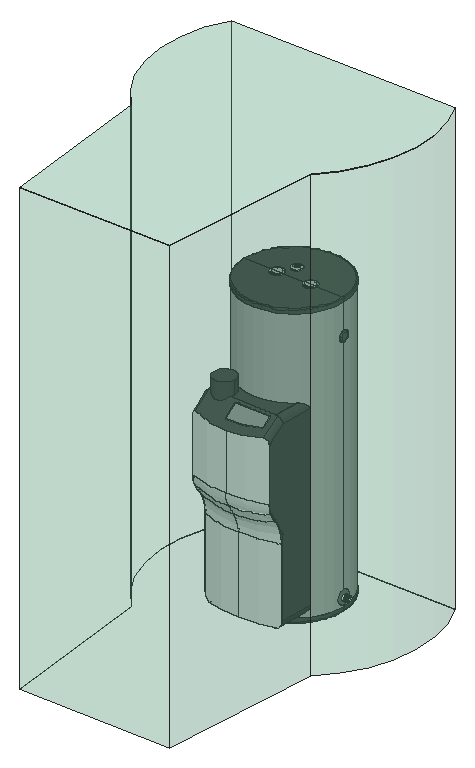
Revit family "Innovo NL_IR 32 245 NL NAT", category Mechanical Equipment, Revit 2015
Parameters (values of type "IR-32-245 NL NAT")
  Werkruimte Radius = Diameter + 170 mm  # 780 mm
  Werkruimte Hoogte = Hoogte + 1000 mm  # 2745 mm
  Werkruimte Afstand Voor = 1000 mm
  Werkruimte [instance] = yes
  Voorzorgsmaatregelen tijdens montage, installatie of onderhoud = "zie Gebruikers, Installatie, Service en Onderhouds handleiding"  # constant formula
  Voltage = 230 V  # constant formula
  Verpakkingslengte = 946 mm  # constant formula
  Verpakkingshoogte = 1895 mm
  Verpakkingsbreedte = 786 mm  # constant formula
  Uitsluitend werkend in daluren = no
  Type aanduiding = "IR-24-285"
  Transportgewicht = 153 kg
  Totaal Gewicht = 438 kg
  Stilstandsverlies - dagelijks (24u) = 0 W
  Stilstandsverlies = 0 W
  Standaard Afgesteld op = "G25.3"
  Stand Regelthermostaat = 65 °C  # constant formula
  Soort Verpakking = "Karton en Hout"  # constant formula
  Slimme controlefunctie = no
  Setpoint thermostaat = 65 °C  # constant formula
  Seizoens Rendement (Hs) = [Rendement (Hs, vlgs. NEN-EN 89 - 1999)]  # 97
  Rendement (Hs, vlgs. NEN-EN 89 - 1999) = 97
  Rendement (Hi, vlgs. NEN-EN 89 - 1999) = 108
  Produktspecificaties Link = ""
  Produkthandleiding Link = ""
  Produkt Model Nummer (EAN-nummer) = "8717449283834"
  Onderhoudsinterval = "12 maanden"  # constant formula
  Nominale Belasting (Onderwaarde) = "22000.0"
  Nominale Belasting (Bovenwaarde) = "24400.0"
  Nominaal Vermogen = "23800.0"
  NOx-uitstoot mg/kWh = "33.0"
  NOx-uitstoot (lucht vrij, 0% O2) ppm = "21"
  Min. Stand Regelthermostaat = 40 °C  # constant formula
  Max. Werkdruk = 800000.0 Pa
  Max. Stand Regelthermostaat = 85 °C  # constant formula
  Max. Rookgastemperatuur = 57 °C
  Ledig Gewicht = 136 kg
  Kraan Hoogte 02 = if(and(Hoogte = 1745 mm, Diameter = 675 mm), 1518 mm, if(and(Hoogte = 1745 mm, Diameter = 610 mm), 1534 mm, if(Hoogte = 1545 mm, 1328 mm, 1070 mm)))  # 1534 mm
  Kraan Hoogte 01 = if(and(Diameter > 560 mm), 693 mm, 604 mm)  # 693 mm
  Uitschakeldruk LDS < = 210.0 Pa
  URL = "www.aosmith.nl"
  Tapcapaciteit bij ΔT = 70°C  na 90 min. = 630.0 L
  Tapcapaciteit bij ΔT = 70°C  na 60 min. = 490.0 L
  Tapcapaciteit bij ΔT = 70°C  na 30 min. = 340.0 L
  Tapcapaciteit bij ΔT = 70°C  na 120 min. = 780.0 L
  Tapcapaciteit bij ΔT = 55°C  na 90 min. = 830.0 L
  Tapcapaciteit bij ΔT = 55°C  na 60 min. = 650.0 L
  Tapcapaciteit bij ΔT = 55°C  na 30 min. = 460.0 L
  Tapcapaciteit bij ΔT = 55°C  na 120 min. = 1100.0 L
  Tapcapaciteit bij ΔT = 50°C  na 90 min. = 920.0 L
  Tapcapaciteit bij ΔT = 50°C  na 60 min. = 720.0 L
  Tapcapaciteit bij ΔT = 50°C  na 30 min. = 510.0 L
  Tapcapaciteit bij ΔT = 50°C na 120 min. = 1200.0 L
  Tapcapaciteit bij ΔT = 44°C na 120 min. = 1100.0 L
  Tapcapaciteit bij ΔT = 44°C  na 90 min. = 820.0 L
  Tapcapaciteit bij ΔT = 44°C  na 60 min. = 590.0 L
  Tapcapaciteit bij ΔT = 44°C  na 30 min. = 1300.0 L
  Tapcapaciteit bij ΔT = 28°C na 90 min. = 1700.0 L
  Tapcapaciteit bij ΔT = 28°C na 60 min. = 1400.0 L
  Tapcapaciteit bij ΔT = 28°C na 30 min. = 960.0 L
  Tapcapaciteit bij ΔT = 28°C na 120 min. = 2100.0 L
  Tapcapaciteit Continu bij ΔT = 70°C = 290.0 L/s
  Tapcapaciteit Continu bij ΔT = 55°C = 370.0 L/s
  Tapcapaciteit Continu bij ΔT = 50°C = 410.0 L/s
  Tapcapaciteit Continu bij ΔT = 44°C = 460.0 L/s
  Tapcapaciteit Continu bij ΔT = 28°C = 740.0 L/s
  Opwarmtijd bij ΔT = 70°C = "49"
  Opwarmtijd bij ΔT = 55°C = "39"
  Opwarmtijd bij ΔT = 50°C = "35"
  Opwarmtijd bij ΔT = 44°C = "31"
  Opwarmtijd bij ΔT = 28°C = "20"
  Model = "IR-24-285 NL NAT"
  Manufacturer = "A.O. Smith Water Products Company b.v."  # constant formula
  Length = 780 mm  # constant formula
  Jaarlijks elektriciteitsverbruik (2) = "-"
  Jaarlijks elektriciteitsverbruik (1) = "45 kWh"
  Jaarlijks brandstofverbruik (2) = "-"
  Jaarlijks brandstofverbruik (1) = "21 GJ GCV"
  Isolatiedikte = 44 mm
  Installatie Typen = "B23/C13/C33/C43/C53/C63"  # constant formula
  Inhoud = 285.0 L
  Hoogte Warm Water Uitlaat = 1745 mm
  Hoogte Rookgasafvoer = 1350 mm
  Hoogte Lucht Inlaat = 1350 mm
  Hoogte Koud Water Inlaat = 170 mm
  Hoogte Gas Aansluiting = 905 mm
  Hoogte = 1745 mm
  Handelsmerk = "A.O. Smith"  # constant formula
  Geluidsniveau dB (A) = "<45"  # constant formula
  Geluidsniveau binnen = "53 dB"
  Gasverbruik - Volume ltr/hr = "2.30"
  Gasverbruik - Massa kg/h = "n.v.t."
  Gascategorie = "II2EK3B/P"  # constant formula
  Gas Voordruk = 2500.0 Pa
  Gas Aansluiting = 15"  # constant formula
  Garrantie op Tank = "36 maanden"  # constant formula
  Garrantie op Onderdelen = "12 maanden"  # constant formula
  Frequentie = 50 Hz  # constant formula
  Fase = 1
  Fabrikantnummer = "E 7110"  # constant formula
  Energie-efficiëntieklasse voor waterverwarming (2) = "-"
  Energie-efficiëntieklasse voor waterverwarming (1) = "A"  # constant formula
  Energie-efficiëntie voor waterverwarming (2) = "-"
  Energie-efficiëntie voor waterverwarming (1) = "91%"
  Elektrisch Vermogen (piek) = 105 W
  Elektrisch Vermogen (nominaal) = 51 W
  Diameter Schoorsteen - parallel systeem = "2x80"  # constant formula
  Diameter Schoorsteen - concentrisch systeem = "80/125 mm/mm"  # constant formula
  Diameter Schoorsteen - boiler = "80/125 mm/mm"  # constant formula
  Diameter = 610 mm
  Description = "Condenserende Hoog Rendementsboiler"  # constant formula
  Created By = "http://www.cadcompany.nl/"
  Capaciteitsprofiel = "XXL"
  CO2-uitstoot (tol. +/- 1.0) vol% = "9.3"
  CE-PIN = "0063CQ3037"  # constant formula
  Breedte = Diameter  # 610 mm
  Bestemming / Land = "Nederland"  # constant formula
  BIM Content Developer = "CAD & Company"  # constant formula
  Assembly Code = "D3010"
  Ander capaciteitsprofiel = "-"
  Aansluiting Warm Water = 1"
  Aansluiting T&P = 1"
  Aansluiting Koud Water = 3/4"  # constant formula
  Aansluiting Condensafvoer = 40 mm  # constant formula
  Aansluiting Aftapkraan = 3/4"  # constant formula
  2e Onderhoud (algeheel onderhoud) = "12 maanden na installatie"  # constant formula
  1e Onderhoud (check-up) = "3 maanden na installatie"  # constant formula
Reference planes
  plane 1 "Center (Front/Back)": y = 0
  plane 2: z = 0
  plane 3 "Center (Left/Right)": x = 0
  plane 4 "Pipe": through (-383.901, 912.349, 194.799) normal (-0.0879, -0.0879, 0.9923)
  plane 5 "footing": y = 118.925
  plane 6 "footing front": y = -237.85
  plane 7: x = -305
  plane 8: x = 305
  plane 9: z = 1745
Forms (mm)
  Revolve 1, solid, material "RAL 9005", detail levels medium+fine
    sketch origin (0, -237.85, 0) x (-1, 0, 0) y (0, 0, 1)
      loop
        line (0, 28.9) -> (-15, 28.9) -> (-15, 26.4) -> (-8.671, 26.4) -> (-8.671, 18) -> (-5.686, 18) -> (-6.626, 17.06) -> (-6.626, 12.06) -> (-8.671, 12.06) -> (-8.671, 10) -> (-10.031, 10) -> (-23.271, 5.181)
        arc (-23.271, 5.181) -> (-23.763, 4.836) -> (-24.017, 4.293) r 1.159
        line (-24.017, 4.293) -> (-24.017, 1.03)
        arc (-24.017, 1.03) -> (-23.715, 0.302) -> (-22.986, 0) r 1.03
        line (-22.986, 0) -> (0, 0) -> (0, 28.9)
      axis (0, 28.9) -> (0, 0)
    angle from 0 to 360
  Revolve 2, solid, material "RAL 9005", detail levels medium+fine
    sketch origin (0, 118.925, 0) x (-1, 0, 0) y (0, 0, 1)
      loop
        line (-205.984, 28.9) -> (-220.984, 28.9) -> (-220.984, 26.4) -> (-214.655, 26.4) -> (-214.655, 18) -> (-211.67, 18) -> (-212.61, 17.06) -> (-212.61, 12.06) -> (-214.655, 12.06) -> (-214.655, 10) -> (-216.015, 10) -> (-229.256, 5.181)
        arc (-229.256, 5.181) -> (-229.747, 4.836) -> (-230.001, 4.293) r 1.159
        line (-230.001, 4.293) -> (-230.001, 1.03)
        arc (-230.001, 1.03) -> (-229.699, 0.302) -> (-228.971, 0) r 1.03
        line (-228.971, 0) -> (-205.984, 0) -> (-205.984, 28.9)
      axis (-205.984, 28.9) -> (-205.984, 0)
    angle from 0 to 360
  Revolve 3, solid, material "RAL 9005", detail levels medium+fine
    sketch origin (0, 118.925, 0) x (-1, 0, 0) y (0, 0, 1)
      loop
        line (204.016, 28.9) -> (189.016, 28.9) -> (189.016, 26.4) -> (195.345, 26.4) -> (195.345, 18) -> (198.33, 18) -> (197.39, 17.06) -> (197.39, 12.06) -> (195.345, 12.06) -> (195.345, 10) -> (193.985, 10) -> (180.744, 5.181)
        arc (180.744, 5.181) -> (180.253, 4.836) -> (179.999, 4.293) r 1.159
        line (179.999, 4.293) -> (179.999, 1.03)
        arc (179.999, 1.03) -> (180.301, 0.302) -> (181.029, 0) r 1.03
        line (181.029, 0) -> (204.016, 0) -> (204.016, 28.9)
      axis (204.016, 28.9) -> (204.016, 0)
    angle from 0 to 360
Lines and regions (mm)
  symbolic lines
    curve 1: line (0, 280.06, 0) -> (0, -280.06, 0)
    curve 2: line (-280.06, 0, 0) -> (280.06, 0, 0)
  symbolic lines, style "Workspace"
    curve 3: line (681.142, 380.06, 0) -> (-681.142, 380.06, 0)
    curve 4: arc (-681.142, 380.06, 0) -> (-777.325, -64.546, 0) -> (-609.127, -487.2, 0) r 780
    curve 5: line (-609.127, -487.2, 0) -> (-421.783, -1517.825, 0)
    curve 6: line (-421.783, -1517.825, 0) -> (424.03, -1517.825, 0)
    curve 7: line (424.03, -1517.825, 0) -> (611.027, -484.816, 0)
    curve 8: arc (611.027, -484.816, 0) -> (777.449, -63.027, 0) -> (681.142, 380.06, 0) r 780
Dimensions and locks
  plane 5 "footing" to plane 1 "Center (Front/Back)" = 118.925 mm
  plane 1 "Center (Front/Back)" to plane 6 "footing front" = 237.85 mm
  "Diameter": plane 7 to plane 8
  equal spacing: plane 7, plane 3 "Center (Left/Right)", plane 8
  "Hoogte": plane 9 to plane 2
  "Werkruimte Afstand Voor": curve 6 to nested 3
  "Werkruimte Radius": radius of curve 4
  "Werkruimte Radius": radius of curve 8
  aligned and locked: level to plane 2
  aligned and locked: nested 3 to Revolve 1 sketch curve
  aligned and locked: plane 3 "Center (Left/Right)" to Revolve 1 sketch curve
  aligned and locked: nested 3 to plane 1 "Center (Front/Back)"
  aligned and locked: plane 3 "Center (Left/Right)" to nested 3
  aligned and locked: nested 1 to plane 8
  aligned and locked: nested 5 to plane 8
  aligned and locked: nested 2 to plane 7
  aligned and locked: nested 4 to plane 7
  aligned and locked: nested 7 to plane 7
  aligned and locked: nested 8 to plane 3 "Center (Left/Right)"
  aligned and locked: curve 3 to nested 8
  aligned and locked: nested 8 to nested 3
Automatic sketch dimensions
  Revolve 1 sketch curve to level = 0 mm
  plane 3 "Center (Left/Right)" to Revolve 1 sketch curve = 5.686 mm
  Revolve 1 sketch curve to Revolve 1 sketch curve = 0.94 mm  (x2)
  Revolve 1 sketch curve to Revolve 1 sketch curve = 2.046 mm  (x2)
  Revolve 1 sketch curve to Revolve 1 sketch curve = 1.359 mm
  Revolve 1 sketch curve to Revolve 1 sketch curve = 6.329 mm
  level to Revolve 1 sketch curve = 4.091 mm
  Revolve 1 sketch curve to Revolve 1 sketch curve = 12.844 mm
  level to Revolve 1 sketch curve = 1.03 mm
  Revolve 1 sketch curve to Revolve 1 sketch curve = 0.111 mm
  level to Revolve 1 sketch curve = 5.181 mm
  Revolve 1 sketch curve to Revolve 1 sketch curve = 0.745 mm
  level to Revolve 1 sketch curve = 10 mm
  Revolve 1 sketch curve to Revolve 1 sketch curve = 2.06 mm
  Revolve 1 sketch curve to Revolve 1 sketch curve = 5 mm
  Revolve 1 sketch curve to Revolve 1 sketch curve = 8.4 mm
  Revolve 1 sketch curve to Revolve 1 sketch curve = 2.5 mm
  Revolve 1 sketch curve to level = 19.635 mm
  Revolve 1 sketch curve to Revolve 1 sketch curve = 46.465 mm
  Revolve 2 sketch curve to level = 0 mm
  level to Revolve 2 sketch curve = 1.03 mm
  Revolve 2 sketch curve to plane 8 = 74.999 mm
  level to Revolve 2 sketch curve = 5.181 mm
  Revolve 2 sketch curve to Revolve 2 sketch curve = 0.745 mm
  Revolve 2 sketch curve to Revolve 2 sketch curve = 0.397 mm
  Revolve 2 sketch curve to Revolve 2 sketch curve = 8.271 mm
  Revolve 2 sketch curve to Revolve 2 sketch curve = 13.241 mm
  Revolve 2 sketch curve to Revolve 2 sketch curve = 1.359 mm
  Revolve 2 sketch curve to Revolve 2 sketch curve = 6.329 mm
  Revolve 2 sketch curve to Revolve 2 sketch curve = 2.046 mm
  level to Revolve 2 sketch curve = 18 mm
  Revolve 2 sketch curve to Revolve 2 sketch curve = 0.94 mm  (x2)
  Revolve 2 sketch curve to Revolve 2 sketch curve = 8.671 mm
  Revolve 2 sketch curve to Revolve 2 sketch curve = 1.089 mm
  Revolve 2 sketch curve to Revolve 2 sketch curve = 8 mm
  Revolve 2 sketch curve to Revolve 2 sketch curve = 2.06 mm
  Revolve 2 sketch curve to Revolve 2 sketch curve = 8.4 mm
  Revolve 2 sketch curve to Revolve 2 sketch curve = 2.5 mm
  Revolve 2 sketch curve to Revolve 2 sketch curve = 0 mm
  Revolve 2 sketch curve to level = 19.635 mm
  Revolve 2 sketch curve to Revolve 2 sketch curve = 46.465 mm
  Revolve 3 sketch curve to level = 0 mm
  level to Revolve 3 sketch curve = 1.03 mm
  Revolve 3 sketch curve to plane 7 = 125.001 mm
  level to Revolve 3 sketch curve = 5.181 mm
  Revolve 3 sketch curve to Revolve 3 sketch curve = 0.745 mm
  Revolve 3 sketch curve to Revolve 3 sketch curve = 0.397 mm
  Revolve 3 sketch curve to Revolve 3 sketch curve = 8.271 mm
  Revolve 3 sketch curve to Revolve 3 sketch curve = 13.241 mm
  Revolve 3 sketch curve to Revolve 3 sketch curve = 1.359 mm
  Revolve 3 sketch curve to Revolve 3 sketch curve = 6.329 mm
  Revolve 3 sketch curve to Revolve 3 sketch curve = 2.046 mm
  level to Revolve 3 sketch curve = 18 mm
  Revolve 3 sketch curve to Revolve 3 sketch curve = 0.94 mm  (x2)
  Revolve 3 sketch curve to Revolve 3 sketch curve = 8.671 mm
  Revolve 3 sketch curve to Revolve 3 sketch curve = 1.089 mm
  Revolve 3 sketch curve to Revolve 3 sketch curve = 8 mm
  Revolve 3 sketch curve to Revolve 3 sketch curve = 2.06 mm
  Revolve 3 sketch curve to Revolve 3 sketch curve = 8.4 mm
  Revolve 3 sketch curve to Revolve 3 sketch curve = 2.5 mm
  Revolve 3 sketch curve to Revolve 3 sketch curve = 0 mm
  Revolve 3 sketch curve to level = 19.635 mm
  Revolve 3 sketch curve to Revolve 3 sketch curve = 46.465 mm
  curve 4 to curve 8 = 0 mm  (x2)
  plane 1 "Center (Front/Back)" to curve 2 = 0 mm
  curve 1 to plane 3 "Center (Left/Right)" = 0 mm
  plane 1 "Center (Front/Back)" to curve 4 = 0 mm
  curve 4 to plane 3 "Center (Left/Right)" = 0 mm
  curve 5 to plane 6 "footing front" = 249.35 mm
  plane 7 to curve 5 = 116.783 mm
  plane 8 to curve 7 = 119.03 mm
  curve 7 to plane 6 "footing front" = 246.966 mm
  curve 2 to plane 7 = 24.94 mm
  curve 2 to plane 8 = 24.94 mm
  curve 1 to plane 6 "footing front" = 42.21 mm
  plane 5 "footing" to curve 1 = 161.135 mm
Nested families
  nested 1: "Valve" at (305, -0.38, 1534) x (0, 1, 0) z (0, 0, 1), built-in parameter 1001364 <- "Kraan Hoogte 02", type "Valve"
  nested 2: "Drain Valve" at (-305, 0, 1534), built-in parameter 1001364 <- "Kraan Hoogte 02", type "Drain Valve"
  nested 3: "Housing Mother Housing S 57 (external)" at (0, -299.886, 0), type "Housing Mother_Housing S_57"
    with radius 305 mm, distance to boiler center 154 mm, diameter 610 mm
  nested 4: "Drain Valve" at (-305, 0, 177), type "Drain Valve"
  nested 5: "Drain Valve" at (305, 0, 107) x (-1, 0, 0) z (0, 0, 1), type "Drain Valve"
  nested 6: "Boiler" at (0, 0, 0), height <- "Hoogte", type "Boiler"
    with height 1745 mm, radius 305 mm, Diameter 610 mm
  nested 7: "Drain Valve" at (-305, 0, 693), built-in parameter 1001364 <- "Kraan Hoogte 01", type "Drain Valve"
  nested 8: "Innovo_workspace" at (0, 0, 0), Workspace <- "Werkruimte", Workspace Distance Front <- "Werkruimte Afstand Voor", Workspace Height <- "Werkruimte Hoogte", Workspace Radius <- "Werkruimte Radius", type "Workspace"
    with Workspace Radius 780 mm, Workspace Height 2745 mm, Workspace Distance Front 1000 mm, Workspace yes, Center to Front 517.825 mm
Connectors
  piping at (339.826, 0, 107), diameter 19.05, driven by "Aansluiting Aftapkraan"
    settings: on nested 5, index 1, connector inside diameter 24", connector length 0 mm, flow factor 0, pipe flow 0.0 L/s, pressure drop 0.0 Pa, fitting loss kfactor 0, connector angle 0.00°, fixture units 0, engagement length 0 mm, angle of deflection 0.00°, flow configuration 0, flow direction 0, fitting loss method 0, system type 19, joint type 0, gender type 0, connector reference index -1, connector utility 0, adjustable connector no, is connector primary yes, connector description ""
  hvac at (-147.013, -346.326, 1310.674)
    settings: on nested 3, index 2, duct flow 0.0 L/s, flow factor 0, pres drop 0.0 Pa, loss coef 0, conn angle 0.00°, conn width 304.8 mm, conn height 304.8 mm, conn diameter 125 mm, duct sys type 4, conn prof type 0, flow config 0, flow direction 0, loss method 0, conn ref index -1, conn util no, is conn primary yes, conn desc ""
Definition of nested family "Valve"
  Parameters (values of type "Valve")
    Type Comments = "T&P valve (internal)"
    Manufacturer = "A.O. Smith"
  Reference planes
    plane 1 "Center (Front/Back)": y = 0
    plane 2: z = 0
    plane 3 "Center (Left/Right)": x = 0
  Forms (mm)
    Extrusion 1, solid, detail levels fine
      sketch origin (0, 0, 0) x (1, 0, 0) y (0, 0, 1)
        loop
          circle (0, 0) r 31.5
      from -2.271 to 1.4
    Sweep 2, solid, detail levels fine
      path origin (0, -1.4, 0) x (1, 0, 0) y (0, 0, 1)
        loop
          circle (0, 0) r 31.5
      profile origin (0, -1.4, 31.5) x (0, 0, -1) y (0, -1, 0)
        loop
          line (7.3, 0) -> (7.3, 3) -> (0, 0) -> (7.3, 0)
  Dimensions and locks
    aligned and locked: level to plane 2
Definition of nested family "Drain Valve"
  Reference planes
    plane 1 "Center (Front/Back)": y = 0
    plane 2: z = 0
    plane 3 "Center (Left/Right)": x = 0
  Forms (mm)
    Revolve 1, solid, detail levels medium+fine
      sketch origin (0, 0, 0) x (1, 0, 0) y (0, 0, 1)
        loop
          line (-33.442, 15.696) -> (-34.826, 14.329) -> (-34.93, 12.731) -> (-16.555, 12.731) -> (-16.555, 0) -> (15.787, 0) -> (15.787, 18.3) -> (-14.4, 18.3) -> (-17.148, 15.533) -> (-18.729, 16.697) -> (-20.091, 15.333) -> (-21.672, 16.496) -> (-23.034, 15.133) -> (-24.614, 16.296) -> (-25.976, 14.932) -> (-27.557, 16.096) -> (-28.919, 14.732) -> (-30.5, 15.896) -> (-31.862, 14.532) -> (-33.442, 15.696)
        axis (-34.93, 0) -> (15.787, 0)
      angle from 0 to 360
  Dimensions and locks
    aligned and locked: level to plane 2
  Nested families
    nested 1: "Rubber sealing" at (2.592, -0.155, 0) x (0.0023, -1, 0) z (0, 0, 1), type "Rubber sealing", detail levels fine
  Definition of nested family "Rubber sealing"
    Reference planes
      plane 1 "Center (Front/Back)": y = 0
      plane 2: z = 0
      plane 3 "Center (Left/Right)": x = 0
    Forms (mm)
      Extrusion 1, solid, detail levels fine
        sketch origin (141.861, 319.581, 0) x (1, 0, 0) y (0, 1, 0)
          loop
            line (-216.354, -311.898) -> (-216.354, -313.94)
            arc (-216.354, -313.94) -> (-141.602, -321.581) -> (-66.861, -313.835) r 366.966
            line (-66.861, -313.835) -> (-66.861, -311.791)
            arc (-66.861, -311.791) -> (-141.602, -319.581) -> (-216.354, -311.898) r 364.966
        from -80 to 80
      Extrusion 2, void
        sketch origin (141.861, 319.581, 0) x (1, 0, 0) y (0, 0, 1)
          loop
            circle (-141.861, 0) r 13
          loop
            circle (-141.861, 0) r 110
          loop
            circle (-141.861, 0) r 40
        from 311.563 to 332.684
      Extrusion 3, void
        sketch origin (141.861, 319.581, 0) x (1, 0, 0) y (0, 0, 1)
          loop
            circle (-141.861, 0) r 18.25
        from 315.524 to 326.084
    Cuts and joins
      Extrusion 2, Extrusion 3 cuts Extrusion 1
    Dimensions and locks
      aligned and locked: level to plane 2
Definition of nested family "Housing Mother Housing S 57 (external)"
  Parameters (values of type "Housing Mother_Housing S_57")
    radius [instance] = 280 mm
    distance to boiler center = if(diameter = 675 mm, 189 mm, if(diameter = 610 mm, 154 mm, 129 mm))  # 129 mm
    diameter = 560 mm
  Reference planes
    plane 1 "Center (Front/Back)": y = 0
    plane 2: z = 0
    plane 3 "Center (Left/Right)": x = 0
    plane 4 "left": through (-245.286, 145.886, 1200) normal (0.9994, 0.0349, 0)
    plane 5: y = -217.939
    plane 6: y = 145.886
    plane 7: z = 1232.6
    plane 8: z = 65.89
    plane 9 "right": through (245.286, 145.886, 1200) normal (0.9994, -0.0349, 0)
    plane 10 "display": through (0, -90.37, 1221.196) normal (0, -0.5736, 0.8192)
    plane 11 "Potentiostat": z = 867.899
    plane 12 "boiler center": y = 274.886
    plane 13: x = -280
    plane 14: x = 280
  Forms (mm)
    Extrusion 1, solid
      sketch origin (0, 0, 0) x (1, 0, 0) y (0, 1, 0)
        loop
          line (-245.286, 145.886) -> (-232.581, -217.939) -> (232.581, -217.939) -> (245.286, 145.886)
          arc (245.286, 145.886) -> (0, 0.923) -> (-245.286, 145.886) r 280
      from 0 to 1232.6
    Sweep 2, void
      path origin (0, 0, 0) x (0, 1, 0) y (0, 0, 1)
        loop
          line (-217.939, 1232.6) -> (-217.939, 795.555)
          arc (-217.939, 795.555) -> (-212.387, 754.285) -> (-197.694, 715.322) r 183.924
          arc (-197.694, 715.322) -> (-179.915, 684.628) -> (-159.106, 655.901) r 348.284
          arc (-159.106, 655.901) -> (-131.411, 600.328) -> (-121.88, 538.973) r 202.254
          line (-121.88, 538.973) -> (-121.88, 61.106)
      profile origin (0, -217.939, 1014.077) x (1, 0, 0) y (0, 1, 0)
        loop
          arc (0, 0) -> (-117.533, 9.941) -> (-231.728, 39.475) r 699.984
          arc (-231.728, 39.475) -> (-233.391, 40.705) -> (-234.07, 42.659) r 3.505
          line (-234.07, 42.659) -> (-254.062, 42.659) -> (-254.062, -142.593) -> (254.07, -142.593) -> (254.07, 42.659) -> (234.07, 42.659)
          arc (234.07, 42.659) -> (233.391, 40.705) -> (231.728, 39.475) r 3.505
          arc (231.728, 39.475) -> (117.533, 9.941) -> (0, 0) r 699.984
    Extrusion 3, void
      sketch origin (0, 0, 0) x (0, 1, 0) y (0, 0, 1)
        loop
          arc (102.864, 70.869) -> (99.804, 70.709) -> (96.874, 69.813) r 12.57
          arc (96.874, 69.813) -> (87.878, 66.533) -> (78.516, 64.529) r 69.114
          arc (78.516, 64.529) -> (76.41, 64.284) -> (74.294, 64.148) r 41.206
          arc (74.294, 64.148) -> (65.203, 64.335) -> (56.122, 64.782) r 318.661
          arc (56.122, 64.782) -> (30.585, 66.179) -> (5.028, 67.128) r 1456.581
          line (5.028, 67.128) -> (-84.534, 73.135)
          arc (-84.534, 73.135) -> (-86.363, 73.808) -> (-87.536, 75.365) r 3.455
          line (-87.536, 75.365) -> (-264.473, 75.365) -> (-264.473, 0) -> (160.886, 0) -> (160.886, 103.945) -> (145.886, 103.945)
          arc (145.886, 103.945) -> (145.104, 97.827) -> (142.923, 92.059) r 26.364
          arc (142.923, 92.059) -> (141.067, 88.936) -> (138.867, 86.045) r 31.715
          arc (138.867, 86.045) -> (135.576, 82.49) -> (132.021, 79.2) r 62.615
          arc (132.021, 79.2) -> (125.841, 74.697) -> (119.091, 71.103) r 54.444
          arc (119.091, 71.103) -> (116.371, 70.272) -> (113.531, 70.123) r 11.669
          line (113.531, 70.123) -> (102.864, 70.869)
      from -254.062 to 254.07
    Sweep 4, void
      path origin (0, 0, 0) x (1, 0, 0) y (0, 1, 0)
        loop
          line (-245.286, 145.886) -> (-232.581, -217.939)
      profile origin (-238.933, -36.027, 0) x (0.999391, 0.034899, 0) y (0, 0, 1)
        loop
          line (-4.454, 0) -> (47.084, 0) -> (47.084, 73.431)
          arc (47.084, 73.431) -> (14.222, 85.134) -> (0.255, 117.1) r 43.922
          line (0.255, 117.1) -> (-4.454, 117.1) -> (-4.454, 0)
    Sweep 5, void
      path origin (0, 0, 0) x (-1, 0, 0) y (0, 1, 0)
        loop
          line (-245.286, 145.886) -> (-232.581, -217.939)
      profile origin (238.933, -36.027, 0) x (0.999391, -0.034899, 0) y (0, 0, 1)
        loop
          line (4.454, 0) -> (4.454, 117.1) -> (-0.255, 117.1)
          arc (-0.255, 117.1) -> (-14.222, 85.134) -> (-47.084, 73.431) r 43.922
          line (-47.084, 73.431) -> (-47.084, 0) -> (4.454, 0)
    Sweep 6, void
      path origin (-239.899, -8.377, 0) x (-0.034899, 0.999391, 0) y (0, 0, 1)
        loop
          line (-209.69, 1141.272) -> (-79.18, 1232.6) -> (154.358, 1232.6)
      profile origin (-241.211, 29.188, 1232.6) x (0, 0, 1) y (0.999391, 0.034899, 0)
        loop
          line (-45, -30) -> (75, -30) -> (75, 0) -> (75, 55) -> (2.799, 55) -> (-1.253, 35.128)
          arc (-1.253, 35.128) -> (-16.771, 9.564) -> (-45, -0.308) r 44.287
          line (-45, -0.308) -> (-45, -30)
    Sweep 7, void
      path origin (239.899, -8.377, 0) x (0.034899, 0.999391, 0) y (0, 0, 1)
        loop
          line (-209.69, 1141.272) -> (-79.18, 1232.6) -> (154.358, 1232.6)
      profile origin (241.211, 29.188, 1232.6) x (0, 0, -1) y (-0.999391, 0.034899, 0)
        loop
          line (-75, -25) -> (45, -25) -> (45, -0.308)
          arc (45, -0.308) -> (16.771, 9.564) -> (1.253, 35.128) r 44.287
          line (1.253, 35.128) -> (-2.799, 55) -> (-75, 55) -> (-75, -25)
    Extrusion 8, void
      sketch origin (0, 0, 0) x (0, 1, 0) y (0, 0, 1)
        loop
          line (-270, 1336.099) -> (-270, 1099.081) -> (68.497, 1336.099) -> (-270, 1336.099)
      from -425.038 to 444.42
    Extrusion 9, solid, detail levels medium+fine
      sketch origin (0, 0, 0) x (1, 0, 0) y (0, 1, 0)
        loop
          circle (-147.013, -46.44) r 65
      from 1163.174 to 1310.674
    Extrusion 10, void
      sketch origin (0, -603.506, 861.895) x (0, 0.819152, 0.573576) y (-1, 0, 0)
        loop
          arc (618.322, -173) -> (623.272, -170.95) -> (625.322, -166) r 7
          line (625.322, -166) -> (625.322, 35)
          arc (625.322, 35) -> (623.272, 39.95) -> (618.322, 42) r 7
          line (618.322, 42) -> (535.473, 42)
          arc (535.473, 42) -> (530.688, 40.11) -> (528.488, 35.46) r 7
          arc (528.488, 35.46) -> (531.569, -67.592) -> (554.18, -168.18) r 540
          arc (554.18, -168.18) -> (556.724, -171.668) -> (560.831, -173) r 7
          line (560.831, -173) -> (618.322, -173)
      from 0 to 137.286
    Sweep 11, solid, detail levels fine
      path origin (0, 0, 867.899) x (-1, 0, 0) y (0, -1, 0)
        loop
          line (309.749, -35.617) -> (204.371, -35.617)
          arc (204.371, -35.617) -> (196.509, -34.687) -> (189.082, -31.947) r 33.677
          line (189.082, -31.947) -> (-9.574, 69.274)
      profile origin (-257.06, 35.617, 867.899) x (0, 1, 0) y (0, 0, 1)
        loop
          circle (0, 0) r 7.316
        loop
          circle (0, 0) r 6.465
    Revolve 12, void
      sketch origin (0, 274.886, 0) x (-1, 0, 0) y (0, 0, 1)
        loop
          line (280, 1243.838) -> (0, 1243.838) -> (0, 54.9) -> (280, 54.9) -> (280, 1243.838)
        axis (0, 1243.838) -> (0, 54.9)
      angle from 0 to 360
  Cuts and joins
    Sweep 2, Extrusion 3, Sweep 4, Sweep 5, Sweep 6, Sweep 7, Extrusion 8, Extrusion 10, Revolve 12 cuts Extrusion 1
  Dimensions and locks
    plane 8 to plane 2 = 65.89 mm
    plane 7 to plane 8 = 1166.71 mm
    "distance to boiler center": plane 12 "boiler center" to plane 6
    "diameter": plane 14 to plane 13
    equal spacing: plane 14, plane 3 "Center (Left/Right)", plane 13
    "radius": plane 3 "Center (Left/Right)" to plane 13
    aligned and locked: level to plane 2
    aligned and locked: Extrusion 1 to plane 7
    aligned and locked: Extrusion 1 sketch curve to plane 5
    aligned and locked: Sweep 2 to Extrusion 3
    aligned and locked: Extrusion 3 to Sweep 2  (x2)
    aligned and locked: plane 7 to Sweep 2 sketch curve
    aligned and locked: plane 3 "Center (Left/Right)" to Revolve 12 sketch curve
    aligned and locked: Revolve 12 sketch curve to plane 3 "Center (Left/Right)"
    aligned and locked: plane 13 to Revolve 12 sketch curve
  Automatic sketch dimensions
    Extrusion 1 sketch curve to plane 4 "left" = 0 mm  (x2)
    Extrusion 1 sketch curve to plane 6 = 0 mm  (x2)
    Extrusion 1 sketch curve to plane 3 "Center (Left/Right)" = 0 mm
    Extrusion 1 sketch curve to plane 9 "right" = 0 mm
    plane 6 to Extrusion 1 sketch curve = 135.037 mm
    Sweep 2 sketch curve to plane 5 = 0 mm
    plane 5 to Sweep 2 sketch curve = 106.195 mm
    Sweep 2 sketch curve to plane 5 = 96.059 mm
    plane 1 "Center (Front/Back)" to Sweep 2 sketch curve = 34.053 mm
    plane 11 "Potentiostat" to Sweep 2 sketch curve = 6.417 mm
    Sweep 2 sketch curve to plane 6 = 33.705 mm
    Sweep 2 sketch curve to plane 11 "Potentiostat" = 68.615 mm
    Sweep 2 sketch curve to plane 11 "Potentiostat" = 72.345 mm
    Sweep 2 sketch curve to Sweep 2 sketch curve = 176.349 mm
    Sweep 2 sketch curve to Sweep 2 sketch curve = 0 mm  (x2)
    plane 8 to Sweep 2 sketch curve = 4.784 mm
    Extrusion 3 sketch curve to level = 0 mm
    Extrusion 3 sketch curve to plane 6 = 0 mm
    Extrusion 3 sketch curve to plane 6 = 26.363 mm
    Extrusion 3 sketch curve to Extrusion 3 sketch curve = 4.75 mm
    Extrusion 3 sketch curve to Extrusion 3 sketch curve = 5.179 mm
    Extrusion 3 sketch curve to plane 8 = 4.232 mm
    Extrusion 3 sketch curve to Extrusion 3 sketch curve = 0.814 mm
    Extrusion 3 sketch curve to plane 8 = 4.978 mm
    Extrusion 3 sketch curve to Extrusion 3 sketch curve = 10.667 mm
    Extrusion 3 sketch curve to Extrusion 3 sketch curve = 0.877 mm
    Extrusion 3 sketch curve to Extrusion 3 sketch curve = 17.827 mm
    Extrusion 3 sketch curve to Extrusion 3 sketch curve = 5.646 mm
    Extrusion 3 sketch curve to plane 6 = 69.562 mm
    Extrusion 3 sketch curve to Extrusion 3 sketch curve = 18.6 mm
    Extrusion 3 sketch curve to Extrusion 3 sketch curve = 22.538 mm
    Extrusion 3 sketch curve to plane 8 = 1.238 mm
    Extrusion 3 sketch curve to plane 1 "Center (Front/Back)" = 5.028 mm
    plane 1 "Center (Front/Back)" to Extrusion 3 sketch curve = 36.224 mm
    Extrusion 3 sketch curve to plane 8 = 10.692 mm
    plane 1 "Center (Front/Back)" to Extrusion 3 sketch curve = 84.302 mm
    Extrusion 3 sketch curve to plane 8 = 7.244 mm
    Extrusion 3 sketch curve to Extrusion 3 sketch curve = 0.231 mm
    Extrusion 3 sketch curve to Extrusion 3 sketch curve = 3.234 mm
    plane 5 to Extrusion 3 sketch curve = 46.534 mm
    plane 6 to Extrusion 3 sketch curve = 15 mm
    Extrusion 3 sketch curve to level = 1388.869 mm
    plane 8 to Extrusion 3 sketch curve = 7.561 mm
    Extrusion 3 sketch curve to Extrusion 3 sketch curve = 11.64 mm
    Extrusion 3 sketch curve to plane 8 = 38.054 mm
    Extrusion 3 sketch curve to Extrusion 3 sketch curve = 22.442 mm
    Extrusion 3 sketch curve to plane 8 = 39.432 mm
    Extrusion 3 sketch curve to Extrusion 3 sketch curve = 2.466 mm
    Extrusion 3 sketch curve to Extrusion 3 sketch curve = 14.17 mm
    Extrusion 3 sketch curve to Extrusion 3 sketch curve = 5.925 mm
    Extrusion 3 sketch curve to Extrusion 3 sketch curve = 6.186 mm
    Extrusion 3 sketch curve to Extrusion 3 sketch curve = 249.85 mm
    Extrusion 3 sketch curve to Extrusion 3 sketch curve = 0 mm  (x4)
    Extrusion 3 sketch curve to Extrusion 3 sketch curve = 6.845 mm
    plane 8 to Extrusion 3 sketch curve = 1.743 mm
    Sweep 4 sketch curve to plane 4 "left" = 0 mm  (x2)
    Sweep 4 sketch curve to plane 6 = 0 mm
    plane 5 to Sweep 4 sketch curve = 0 mm
    Sweep 4 sketch curve to level = 0 mm
    profile plane to Sweep 4 sketch curve = 4.454 mm
    Sweep 4 sketch curve to profile plane = 0.255 mm
    Sweep 4 sketch curve to Sweep 4 sketch curve = 43.922 mm
    Sweep 4 sketch curve to profile plane = 47.084 mm
    level to Sweep 4 sketch curve = 73.431 mm
    Sweep 4 sketch curve to Sweep 4 sketch curve = 43.669 mm
    Sweep 5 sketch curve to plane 6 = 0 mm
    Sweep 5 sketch curve to plane 9 "right" = 0 mm  (x2)
    plane 5 to Sweep 5 sketch curve = 0 mm
    Sweep 5 sketch curve to level = 0 mm
    profile plane to Sweep 5 sketch curve = 47.084 mm
    Sweep 5 sketch curve to Sweep 5 sketch curve = 2.907 mm
    profile plane to Sweep 5 sketch curve = 0.255 mm
    Sweep 5 sketch curve to profile plane = 4.454 mm
    level to Sweep 5 sketch curve = 73.431 mm
    Sweep 5 sketch curve to Sweep 5 sketch curve = 43.669 mm
    Sweep 6 sketch curve to plane 7 = 0 mm
    plane 7 to Sweep 6 sketch curve = 91.328 mm
    Sweep 6 sketch curve to Sweep 6 sketch curve = 130.509 mm
    Sweep 6 sketch curve to Sweep 6 sketch curve = 233.538 mm
    Sweep 6 sketch curve to plane 4 "left" = 0 mm
    profile plane to Sweep 6 sketch curve = 45 mm
    Sweep 6 sketch curve to Sweep 6 sketch curve = 0.354 mm
    profile plane to Sweep 6 sketch curve = 1.253 mm
    Sweep 6 sketch curve to profile plane = 2.799 mm
    Sweep 6 sketch curve to Sweep 6 sketch curve = 72.201 mm
    Sweep 6 sketch curve to plane 4 "left" = 0.308 mm
    Sweep 6 sketch curve to Sweep 6 sketch curve = 29.692 mm
    plane 4 "left" to Sweep 6 sketch curve = 35.128 mm
    plane 4 "left" to Sweep 6 sketch curve = 55 mm
    Sweep 7 sketch curve to plane 7 = 0 mm
    Sweep 7 sketch curve to plane 7 = 91.328 mm
    Sweep 7 sketch curve to Sweep 7 sketch curve = 130.509 mm
    Sweep 7 sketch curve to Sweep 7 sketch curve = 233.538 mm
    Sweep 7 sketch curve to plane 9 "right" = 25 mm
    profile plane to Sweep 7 sketch curve = 75 mm
    profile plane to Sweep 7 sketch curve = 2.799 mm
    Sweep 7 sketch curve to profile plane = 1.253 mm
    Sweep 7 sketch curve to Sweep 7 sketch curve = 43.393 mm
    Sweep 7 sketch curve to profile plane = 45 mm
    Sweep 7 sketch curve to plane 9 "right" = 0.308 mm
    plane 9 "right" to Sweep 7 sketch curve = 35.128 mm
    Sweep 7 sketch curve to Sweep 7 sketch curve = 19.872 mm
    plane 5 to Extrusion 8 sketch curve = 52.061 mm
    Extrusion 8 sketch curve to plane 1 "Center (Front/Back)" = 68.497 mm
    plane 7 to Extrusion 8 sketch curve = 133.519 mm
    Extrusion 8 sketch curve to plane 7 = 103.499 mm
    plane 1 "Center (Front/Back)" to Extrusion 9 sketch curve = 46.44 mm
    Extrusion 9 sketch curve to plane 3 "Center (Left/Right)" = 147.013 mm
    Extrusion 10 sketch curve to plane 3 "Center (Left/Right)" = 0 mm
    Extrusion 10 sketch curve to plane 3 "Center (Left/Right)" = 35 mm
    Extrusion 10 sketch curve to Extrusion 10 sketch curve = 25.359 mm
    Extrusion 10 sketch curve to Extrusion 10 sketch curve = 57.491 mm
    Extrusion 10 sketch curve to plane 3 "Center (Left/Right)" = 42 mm
    Extrusion 10 sketch curve to Extrusion 10 sketch curve = 82.85 mm
    Extrusion 10 sketch curve to Extrusion 10 sketch curve = 7 mm
    Extrusion 10 sketch curve to Extrusion 10 sketch curve = 442 mm
    plane 3 "Center (Left/Right)" to Extrusion 10 sketch curve = 166 mm
    Extrusion 10 sketch curve to Extrusion 10 sketch curve = 0 mm  (x2)
    Sweep 11 sketch curve to plane 1 "Center (Front/Back)" = 31.947 mm
    Sweep 11 sketch curve to plane 3 "Center (Left/Right)" = 189.082 mm
    Sweep 11 sketch curve to plane 1 "Center (Front/Back)" = 1.94 mm
    Sweep 11 sketch curve to Sweep 11 sketch curve = 15.289 mm
    plane 3 "Center (Left/Right)" to Sweep 11 sketch curve = 9.574 mm
    Sweep 11 sketch curve to Sweep 11 sketch curve = 105.378 mm
    plane 1 "Center (Front/Back)" to Sweep 11 sketch curve = 69.274 mm
    Sweep 11 sketch curve to Sweep 11 sketch curve = 0 mm  (x2)
    Sweep 11 sketch curve to plane 11 "Potentiostat" = 0 mm
    Sweep 11 sketch curve to profile plane = 0 mm
    plane 8 to Revolve 12 sketch curve = 10.99 mm
    Revolve 12 sketch curve to plane 7 = 11.238 mm
    Revolve 12 sketch curve to level = 366.045 mm
    Revolve 12 sketch curve to Revolve 12 sketch curve = 971.917 mm
    Sweep 2 sketch curve to plane 3 "Center (Left/Right)" = 0 mm
    profile plane to Sweep 2 sketch curve = 0 mm
    Sweep 2 sketch curve to plane 3 "Center (Left/Right)" = 0.016 mm
    Sweep 2 sketch curve to profile plane = 42.782 mm  (x2)
    Sweep 2 sketch curve to plane 3 "Center (Left/Right)" = 230.568 mm
    plane 3 "Center (Left/Right)" to Sweep 2 sketch curve = 0.016 mm
    plane 3 "Center (Left/Right)" to Sweep 2 sketch curve = 230.568 mm
    Sweep 2 sketch curve to Sweep 2 sketch curve = 3.502 mm  (x2)
    Sweep 2 sketch curve to Sweep 2 sketch curve = 20 mm
    profile plane to Sweep 2 sketch curve = 142.593 mm
    Sweep 2 sketch curve to Sweep 2 sketch curve = 0.122 mm  (x2)
    Sweep 2 sketch curve to Sweep 2 sketch curve = 657.203 mm
    Sweep 2 sketch curve to Sweep 2 sketch curve = 19.991 mm
    radius of Extrusion 9 sketch curve = 65 mm
    radius of Sweep 11 sketch curve = 7.316 mm
    radius of Sweep 11 sketch curve = 6.465 mm
  Nested families
    nested 1: "display" at (65.5, -130.939, 1192.79) x (-1, 0, 0) z (0, -0.5736, 0.8192), type "display"
  Definition of nested family "display"
    Parameters (values of type "display")
      Default Elevation = 1219.2 mm
    Reference planes
      plane 1 "Center (Front/Back)": y = 0
      plane 2: z = 0
      plane 3 "Center (Left/Right)": x = 0
    Forms (mm)
      Extrusion 1, solid, detail levels medium+fine
        sketch origin (-16.958, 11.842, -343.878) x (1, 0, 0) y (0, 0, -1)
          loop
            line (-233.523, -343.878) -> (-233.523, -346.592) -> (332.686, -346.592) -> (332.686, -343.878) -> (-233.523, -343.878)
        from -228.7 to 150.822
      Extrusion 2, void
        sketch origin (-16.958, 6.842, -343.878) x (1, 0, 0) y (0, 1, 0)
          loop
            line (-233.523, 155.822) -> (-233.523, -223.7) -> (332.686, -223.7) -> (332.686, 155.822) -> (-233.523, 155.822)
          loop
            arc (-90.542, -48.267) -> (-88.492, -53.216) -> (-83.542, -55.267) r 7
            line (-83.542, -55.267) -> (117.458, -55.267)
            arc (117.458, -55.267) -> (122.408, -53.216) -> (124.458, -48.267) r 7
            line (124.458, -48.267) -> (124.458, 34.583)
            arc (124.458, 34.583) -> (122.568, 39.368) -> (117.918, 41.568) r 7
            arc (117.918, 41.568) -> (14.866, 38.487) -> (-85.722, 15.876) r 540
            arc (-85.722, 15.876) -> (-89.21, 13.332) -> (-90.542, 9.224) r 7
            line (-90.542, 9.224) -> (-90.542, -48.267)
        from 328.878 to 363.083
    Cuts and joins
      Extrusion 2 cuts Extrusion 1
    Dimensions and locks
      aligned and locked: level to plane 2
Definition of nested family "Boiler"
  Parameters (values of type "Boiler")
    radius [instance] = 280 mm
    height [instance] = 1270 mm
    Diameter = 560 mm
  Reference planes
    plane 1 "Center (Front/Back)": y = 0
    plane 2: z = 0
    plane 3 "Center (Left/Right)": x = 0
    plane 4: z = 1243.838
    plane 5: z = 1270
    plane 6 "bottom": z = 28.9
    plane 7: z = 54.9
    plane 8 "top controle": y = 88
    plane 9: x = -280
    plane 10: x = 280
  Forms (mm)
    Revolve 1, solid
      sketch origin (0, 0, 0) x (1, 0, 0) y (0, 0, 1)
        loop
          line (0, 54.9) -> (-280, 54.9) -> (-280, 32.9)
          arc (-280, 32.9) -> (-278.828, 30.072) -> (-276, 28.9) r 4
          line (-276, 28.9) -> (0, 28.9) -> (0, 54.9)
        axis (0, 28.9) -> (0, 54.9)
      angle from 0 to 360
    Revolve 2, solid
      sketch origin (1.311, 0, 0) x (1, 0, 0) y (0, 0, 1)
        loop
          line (-278.86, 1243.838) -> (-278.86, 54.9) -> (-1.311, 54.9) -> (-1.311, 1243.838) -> (-278.86, 1243.838)
        axis (-1.311, 1243.838) -> (-1.311, 54.9)
      angle from 0 to 360
    Revolve 3, solid
      sketch origin (-9.205, 0, 377.212) x (-1, 0, 0) y (0, 0, 1)
        loop
          line (-148.904, 892.788) -> (-110.805, 892.788) -> (-110.805, 895.963) -> (-141.883, 895.963) -> (-148.904, 893.62) -> (-148.904, 892.788)
        axis (-110.805, 892.788) -> (-110.805, 895.963)
      angle from 0 to 360
    Revolve 4, solid
      sketch origin (0, 0, 718.065) x (1, 0, 0) y (0, 0, -1)
        loop
          line (0, -525.773) -> (-280, -525.773) -> (-280, -547.935)
          arc (-280, -547.935) -> (-278.828, -550.763) -> (-276, -551.935) r 4
          line (-276, -551.935) -> (0, -551.935) -> (0, -525.773)
        axis (0, -551.935) -> (0, -525.773)
      angle from 0 to 360
    Revolve 5, solid
      sketch origin (0, 88, 0) x (1, 0, 0) y (0, 0, 1)
        loop
          line (-19.051, 1270) -> (-19.051, 1271.074) -> (-32.63, 1275.604) -> (-32.63, 1271.117) -> (-37.266, 1271.117) -> (-38.383, 1270) -> (-19.051, 1270)
        axis (-50.8, 1270) -> (-50.8, 1275.604)
      angle from 0 to 360
    Revolve 6, solid
      sketch origin (-217.12, 0, 372.245) x (-1, 0, 0) y (0, 0, 1)
        loop
          line (-153.622, 897.755) -> (-115.52, 897.755) -> (-115.52, 900.93) -> (-146.626, 900.93) -> (-153.622, 898.596) -> (-153.622, 897.755)
        axis (-115.52, 897.755) -> (-115.52, 900.93)
      angle from 0 to 360
  Dimensions and locks
    "height": plane 5 to plane 2
    plane 6 "bottom" to plane 2 = 28.9 mm
    locked: plane 5 to plane 4 at 26.162
    locked: plane 1 "Center (Front/Back)" to plane 8 "top controle" at 88
    "Diameter": plane 10 to plane 9
    equal spacing: plane 10, plane 3 "Center (Left/Right)", plane 9
    "radius": plane 3 "Center (Left/Right)" to plane 9
    locked: plane 9 to Revolve 2 sketch curve at 2.452
    aligned and locked: level to plane 2
    aligned and locked: Revolve 2 sketch curve to plane 7
    aligned and locked: Revolve 2 sketch curve to plane 4
    aligned and locked: Revolve 1 sketch curve to plane 7
    aligned and locked: plane 6 "bottom" to Revolve 1 sketch curve
    aligned and locked: Revolve 4 sketch curve to plane 3 "Center (Left/Right)"
    aligned and locked: plane 5 to Revolve 4 sketch curve
    aligned and locked: Revolve 4 sketch curve to plane 4
    aligned and locked: plane 9 to Revolve 4 sketch curve
    aligned and locked: Revolve 1 sketch curve to plane 9
    aligned and locked: Revolve 2 sketch curve to plane 3 "Center (Left/Right)"
    aligned and locked: plane 3 "Center (Left/Right)" to Revolve 2 sketch curve
  Automatic sketch dimensions
    Revolve 1 sketch curve to plane 3 "Center (Left/Right)" = 0 mm  (x2)
    Revolve 1 sketch curve to Revolve 1 sketch curve = 4 mm
    Revolve 1 sketch curve to level = 40 mm
    Revolve 1 sketch curve to Revolve 1 sketch curve = 305.1 mm
    Revolve 2 sketch curve to level = 366.045 mm
    Revolve 2 sketch curve to plane 5 = 945.755 mm
    Revolve 3 sketch curve to plane 5 = 0 mm
    Revolve 3 sketch curve to plane 3 "Center (Left/Right)" = 139.699 mm
    plane 5 to Revolve 3 sketch curve = 3.175 mm
    Revolve 3 sketch curve to Revolve 3 sketch curve = 7.022 mm
    Revolve 3 sketch curve to Revolve 3 sketch curve = 31.078 mm
    Revolve 3 sketch curve to Revolve 3 sketch curve = 0.832 mm
    Revolve 3 sketch curve to Revolve 3 sketch curve = 0 mm
    Revolve 3 sketch curve to Revolve 3 sketch curve = 2.338 mm
    Revolve 3 sketch curve to Revolve 3 sketch curve = 4.487 mm
    Revolve 4 sketch curve to plane 3 "Center (Left/Right)" = 0 mm
    Revolve 4 sketch curve to Revolve 4 sketch curve = 4 mm
    Revolve 4 sketch curve to Revolve 4 sketch curve = 68.738 mm
    Revolve 4 sketch curve to Revolve 4 sketch curve = 305.1 mm
    Revolve 6 sketch curve to plane 5 = 0 mm
    plane 3 "Center (Left/Right)" to Revolve 6 sketch curve = 63.497 mm
    plane 5 to Revolve 6 sketch curve = 3.175 mm
    Revolve 6 sketch curve to Revolve 6 sketch curve = 6.997 mm
    Revolve 6 sketch curve to Revolve 6 sketch curve = 31.106 mm
    Revolve 6 sketch curve to Revolve 6 sketch curve = 0.84 mm
    Revolve 6 sketch curve to Revolve 6 sketch curve = 0 mm
    Revolve 6 sketch curve to Revolve 6 sketch curve = 7.216 mm
    Revolve 6 sketch curve to Revolve 6 sketch curve = 0.391 mm
    Revolve 5 sketch curve to Revolve 5 sketch curve = 13.578 mm
    Revolve 5 sketch curve to Revolve 5 sketch curve = 1.074 mm
    Revolve 5 sketch curve to Revolve 5 sketch curve = 12.417 mm
    Revolve 5 sketch curve to Revolve 5 sketch curve = 5.753 mm
    Revolve 5 sketch curve to plane 5 = 1.117 mm
    Revolve 5 sketch curve to Revolve 5 sketch curve = 1.117 mm
    plane 5 to Revolve 5 sketch curve = 4.396 mm
    Revolve 5 sketch curve to plane 5 = 0 mm
    Revolve 5 sketch curve to Revolve 5 sketch curve = 4.487 mm
    Revolve 5 sketch curve to plane 3 "Center (Left/Right)" = 38.383 mm
    Revolve 5 sketch curve to plane 5 = 5.604 mm
Definition of nested family "Innovo_workspace"
  Parameters (values of type "Workspace")
    Workspace Radius [instance] = 730 mm
    Workspace Height [instance] = 2270 mm
    Workspace Distance Front [instance] = 1000 mm
    Workspace [instance] = yes
    URL = "www.aosmith.nl"
    Model = ""
    Manufacturer = "A.O. Smith Water Products Company b.v."  # constant formula
    Description = ""
    Created By = ""
    Center to Front [instance] = 492.825 mm
    BIM Content Developer = "CAD & Company"  # constant formula
    Assembly Code = ""
  Reference planes
    plane 1 "Center (Front/Back)": y = 0
    plane 2: z = 0
    plane 3 "Center (Left/Right)": x = 0
    plane 4 "Pipe": through (-383.901, 912.349, 194.799) normal (-0.0879, -0.0879, 0.9923)
    plane 5 "front": y = -492.825
  Forms (mm)
    Extrusion 1, solid, visible <- "Workspace"
      sketch origin (0, 0, 0) x (1, 0, 0) y (0, 1, 0)
        loop
          line (456.53, -1492.825) -> (500.201, -531.695)
          arc (500.201, -531.695) -> (723.44, -97.643) -> (623.261, 380.06) r 730
          line (623.261, 380.06) -> (-623.261, 380.06)
          arc (-623.261, 380.06) -> (-723.227, -99.209) -> (-497.893, -533.856) r 730
          line (-497.893, -533.856) -> (-454.283, -1492.825) -> (456.53, -1492.825)
      from 0 to 2270 <- "Workspace Height"
  Lines and regions (mm)
    symbolic lines
      curve 1: line (0, 280.06, 0) -> (0, -280.06, 0)
      curve 2: line (-255.06, 0, 0) -> (255.06, 0, 0)
  Dimensions and locks
    locked: Extrusion 1 sketch curve to curve 1 at 100
    "Workspace Distance Front": plane 5 "front" to Extrusion 1
    "Center to Front": plane 1 "Center (Front/Back)" to plane 5 "front"
    "Workspace Radius": radius of Extrusion 1 sketch curve  (x2)
    aligned and locked: level to plane 2
  Automatic sketch dimensions
    plane 1 "Center (Front/Back)" to curve 2 = 0 mm
    curve 1 to plane 3 "Center (Left/Right)" = 0 mm
    plane 3 "Center (Left/Right)" to curve 2 = 255.06 mm
    curve 1 to plane 1 "Center (Front/Back)" = 280.06 mm
    curve 2 to plane 3 "Center (Left/Right)" = 255.06 mm
    plane 5 "front" to curve 1 = 212.765 mm
    Extrusion 1 sketch curve to Extrusion 1 sketch curve = 0 mm  (x2)
    plane 1 "Center (Front/Back)" to Extrusion 1 sketch curve = 0 mm
    Extrusion 1 sketch curve to plane 3 "Center (Left/Right)" = 0 mm
    Extrusion 1 sketch curve to plane 5 "front" = 41.031 mm
    Extrusion 1 sketch curve to plane 3 "Center (Left/Right)" = 454.283 mm
    plane 3 "Center (Left/Right)" to Extrusion 1 sketch curve = 456.53 mm
    Extrusion 1 sketch curve to plane 5 "front" = 38.869 mm
    Extrusion 1 sketch curve to Extrusion 1 sketch curve = 961.131 mm
